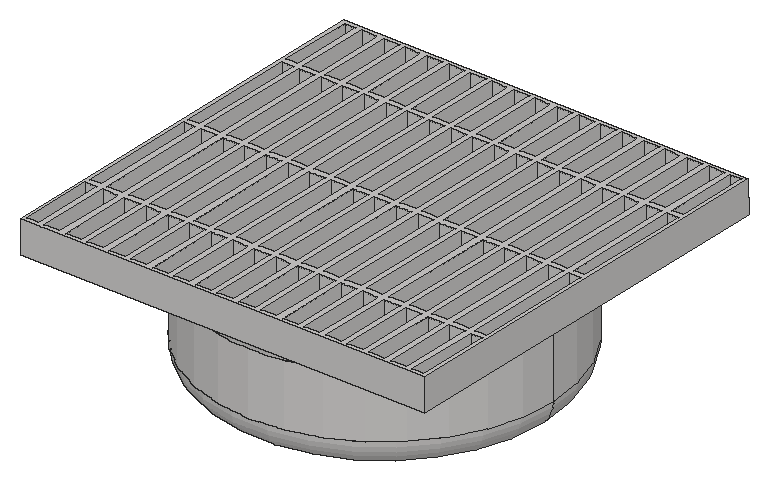
Revit family
Parameters (values of type "9635-SBG-2"")
  Width = 14"
  Waste Connection Radius = 1"
  Waste Connection Diameter = Waste Connection Radius * 2  # 2"
  Waste Connection = yes
  Vent Connection = no
  URL = "www.jrsmith.com"
  Price = "Prices may vary. Please consult Manufacturer Representative for most up-to-date price list."  # constant formula
  Phone Number = "416-250-5656"  # constant formula
  Omniclass Table 23 Title = "Waste Water Drains"  # constant formula
  Omniclass Table 23 Code = "23.70.50.21.24"  # constant formula
  Model = "9635-SBG-2\""
  Material = Metal-Jay R Smith-Stainless Steel
  Masterformat Title = "Sanitary Drains"  # constant formula
  Masterformat Number = "22 13 19.13"  # constant formula
  Manufacturer = "Jay R. Smith"
  Length = Width  # 14"
  Height = 7 1/4"
  HW Connection = no
  Description = "14\" Square topped general purpose drain with bar grating."
  Default Elevation = 0"
  Creation Date = "31/10/2014"  # constant formula
  Created By = "Allied Technical Services"  # constant formula
  CW Connection = no
  Assembly Code = "D2030300"
  ATS URL = "http://www.atsspec.net"
Types (13): name | Waste Connection Radius | Waste Connection Diameter | Model | Height
  (no name) | 1" | 2" | "9635-SBG-2\"" | 7 1/4"
  9635-SBG-2" | 1" | 2" | "9635-SBG-2\"" | 7 1/4"
  9635-SBG-3" | 1 1/2" | 3" | "9635-SBG-3\"" | 7 1/4"
  9635-SBG-4" | 2" | 4" | "9635-SBG-4\"" | 7 1/4"
  9636-SBG-2" | 1" | 2" | "9636-SBG-2\"" | 9 1/4"
  9636-SBG-3" | 1 1/2" | 3" | "9636-SBG-3\"" | 9 1/4"
  9636-SBG-4" | 2" | 4" | "9636-SBG-4\"" | 9 1/4"
  9637-SBG-2" | 1" | 2" | "9637-SBG-2\"" | 11 1/4"
  9637-SBG-3" | 1 1/2" | 3" | "9637-SBG-3\"" | 11 1/4"
  9637-SBG-4" | 2" | 4" | "9637-SBG-4\"" | 11 1/4"
  9638-SBG-2" | 1" | 2" | "9638-SBG-2\"" | 13 1/4"
  9638-SBG-3" | 1 1/2" | 3" | "9638-SBG-3\"" | 13 1/4"
  9638-SBG-4" | 2" | 4" | "9638-SBG-4\"" | 13 1/4"
Reference planes (in)
  plane 1 "Center (Front/Back)": y = 0
  plane 2: z = 0
  plane 3 "Center (Left/Right)": x = 0
  plane 4: x = -7
  plane 5: x = 7
  plane 6: z = 7.25
  plane 7: z = 2
  plane 8: x = -1
  plane 9: x = 1
  plane 10: z = 6.375
  plane 11: z = 6.125
Forms (in)
  Revolve 1, solid, material "Metal-Jay R Smith-Stainless Steel" <- "Material"
    sketch origin (0, 0, 0) x (1, 0, 0) y (0, 0, 1)
      loop
        line (-5.85146, 5.15452) -> (-5.85146, 3)
        arc (-5.85146, 3) -> (-5.55857, 2.29289) -> (-4.85146, 2) r 1
        line (-4.85146, 2) -> (-4.10146, 2) -> (-1.125, 1.68696) -> (-1.125, 0) -> (-1, 0) -> (-1, 6.125) -> (-6.26404, 6.125) -> (-6.26404, 5.72258)
        arc (-6.26404, 5.72258) -> (-6.22877, 5.614) -> (-6.13643, 5.54687) r 0.18476
        arc (-6.13643, 5.54687) -> (-5.93022, 5.39698) -> (-5.85146, 5.15452) r 0.41258
      axis (0, 0) -> (0, 6.125)
    angle from 0 to 360
  Extrusion 2, solid, material "Metal-Jay R Smith-Stainless Steel" <- "Material"
    sketch origin (-43.90802, -54.52824, 0) x (1, 0, 0) y (0, 1, 0)
      loop
        line (36.90802, 61.52824) -> (36.90802, 47.52824) -> (50.90802, 47.52824) -> (50.90802, 61.52824) -> (36.90802, 61.52824)
    from 6.125 to 6.375
  Extrusion 3, solid, material "Metal-Jay R Smith-Stainless Steel" <- "Material"
    sketch origin (-49.17568, -46.07209, 0) x (1, 0, 0) y (0, 1, 0)
      loop
        line (42.17568, 53.07208) -> (42.17568, 39.07209) -> (56.17568, 39.07209) -> (56.17568, 53.07208) -> (42.17568, 53.07208)
      loop
        line (42.70668, 50.41609) -> (42.70668, 52.94567) -> (42.30068, 52.94567) -> (42.30068, 50.41609) -> (42.70668, 50.41609)
      loop
        line (56.05068, 50.41609) -> (56.05068, 52.94567) -> (55.64468, 52.94567) -> (55.64468, 50.41609) -> (56.05068, 50.41609)
      loop
        line (42.70668, 39.19709) -> (42.70668, 41.72667) -> (42.30068, 41.72667) -> (42.30068, 39.19709) -> (42.70668, 39.19709)
      loop
        line (56.05068, 39.19709) -> (56.05068, 41.72667) -> (55.64468, 41.72667) -> (55.64468, 39.19709) -> (56.05068, 39.19709)
      loop
        line (42.70668, 46.16608) -> (42.70668, 50.22623) -> (42.30068, 50.22623) -> (42.30068, 46.16608) -> (42.70668, 46.16608)
      loop
        line (42.70668, 41.91609) -> (42.70668, 45.97623) -> (42.30068, 45.97623) -> (42.30068, 41.91609) -> (42.70668, 41.91609)
      loop
        line (42.89468, 50.41609) -> (43.45668, 50.41609) -> (43.45668, 52.94567) -> (42.89468, 52.94567) -> (42.89468, 50.41609)
      loop
        line (42.89468, 39.19709) -> (43.45668, 39.19709) -> (43.45668, 41.72667) -> (42.89468, 41.72667) -> (42.89468, 39.19709)
      loop
        line (42.89468, 41.91609) -> (43.45668, 41.91609) -> (43.45668, 45.97623) -> (42.89468, 45.97623) -> (42.89468, 41.91609)
      loop
        line (42.89468, 46.16608) -> (43.45668, 46.16608) -> (43.45668, 50.22623) -> (42.89468, 50.22623) -> (42.89468, 46.16608)
      loop
        line (43.64843, 50.41609) -> (44.21043, 50.41609) -> (44.21043, 52.94567) -> (43.64843, 52.94567) -> (43.64843, 50.41609)
      loop
        line (43.64843, 39.19709) -> (44.21043, 39.19709) -> (44.21043, 41.72667) -> (43.64843, 41.72667) -> (43.64843, 39.19709)
      loop
        line (43.64843, 41.91609) -> (44.21043, 41.91609) -> (44.21043, 45.97623) -> (43.64843, 45.97623) -> (43.64843, 41.91609)
      loop
        line (43.64843, 46.16608) -> (44.21043, 46.16608) -> (44.21043, 50.22623) -> (43.64843, 50.22623) -> (43.64843, 46.16608)
      loop
        line (44.39468, 50.41609) -> (44.95668, 50.41609) -> (44.95668, 52.94567) -> (44.39468, 52.94567) -> (44.39468, 50.41609)
      loop
        line (44.39468, 39.19709) -> (44.95668, 39.19709) -> (44.95668, 41.72667) -> (44.39468, 41.72667) -> (44.39468, 39.19709)
      loop
        line (44.39468, 41.91609) -> (44.95668, 41.91609) -> (44.95668, 45.97623) -> (44.39468, 45.97623) -> (44.39468, 41.91609)
      loop
        line (44.39468, 46.16608) -> (44.95668, 46.16608) -> (44.95668, 50.22623) -> (44.39468, 50.22623) -> (44.39468, 46.16608)
      loop
        line (45.14843, 50.41609) -> (45.71043, 50.41609) -> (45.71043, 52.94567) -> (45.14843, 52.94567) -> (45.14843, 50.41609)
      loop
        line (45.14843, 39.19709) -> (45.71043, 39.19709) -> (45.71043, 41.72667) -> (45.14843, 41.72667) -> (45.14843, 39.19709)
      loop
        line (45.14843, 41.91609) -> (45.71043, 41.91609) -> (45.71043, 45.97623) -> (45.14843, 45.97623) -> (45.14843, 41.91609)
      loop
        line (45.14843, 46.16608) -> (45.71043, 46.16608) -> (45.71043, 50.22623) -> (45.14843, 50.22623) -> (45.14843, 46.16608)
      loop
        line (45.89468, 50.41609) -> (46.45668, 50.41609) -> (46.45668, 52.94567) -> (45.89468, 52.94567) -> (45.89468, 50.41609)
      loop
        line (45.89468, 39.19709) -> (46.45668, 39.19709) -> (46.45668, 41.72667) -> (45.89468, 41.72667) -> (45.89468, 39.19709)
      loop
        line (45.89468, 41.91609) -> (46.45668, 41.91609) -> (46.45668, 45.97623) -> (45.89468, 45.97623) -> (45.89468, 41.91609)
      loop
        line (45.89468, 46.16608) -> (46.45668, 46.16608) -> (46.45668, 50.22623) -> (45.89468, 50.22623) -> (45.89468, 46.16608)
      loop
        line (46.64843, 50.41609) -> (47.21043, 50.41609) -> (47.21043, 52.94567) -> (46.64843, 52.94567) -> (46.64843, 50.41609)
      loop
        line (46.64843, 39.19709) -> (47.21043, 39.19709) -> (47.21043, 41.72667) -> (46.64843, 41.72667) -> (46.64843, 39.19709)
      loop
        line (46.64843, 41.91609) -> (47.21043, 41.91609) -> (47.21043, 45.97623) -> (46.64843, 45.97623) -> (46.64843, 41.91609)
      loop
        line (46.64843, 46.16608) -> (47.21043, 46.16608) -> (47.21043, 50.22623) -> (46.64843, 50.22623) -> (46.64843, 46.16608)
      loop
        line (47.39468, 50.41609) -> (47.95668, 50.41609) -> (47.95668, 52.94567) -> (47.39468, 52.94567) -> (47.39468, 50.41609)
      loop
        line (47.39468, 39.19709) -> (47.95668, 39.19709) -> (47.95668, 41.72667) -> (47.39468, 41.72667) -> (47.39468, 39.19709)
      loop
        line (47.39468, 41.91609) -> (47.95668, 41.91609) -> (47.95668, 45.97623) -> (47.39468, 45.97623) -> (47.39468, 41.91609)
      loop
        line (47.39468, 46.16608) -> (47.95668, 46.16608) -> (47.95668, 50.22623) -> (47.39468, 50.22623) -> (47.39468, 46.16608)
      loop
        line (48.14843, 50.41609) -> (48.71043, 50.41609) -> (48.71043, 52.94567) -> (48.14843, 52.94567) -> (48.14843, 50.41609)
      loop
        line (48.14843, 39.19709) -> (48.71043, 39.19709) -> (48.71043, 41.72667) -> (48.14843, 41.72667) -> (48.14843, 39.19709)
      loop
        line (48.14843, 41.91609) -> (48.71043, 41.91609) -> (48.71043, 45.97623) -> (48.14843, 45.97623) -> (48.14843, 41.91609)
      loop
        line (48.14843, 46.16608) -> (48.71043, 46.16608) -> (48.71043, 50.22623) -> (48.14843, 50.22623) -> (48.14843, 46.16608)
      loop
        line (48.89468, 50.41609) -> (49.45668, 50.41609) -> (49.45668, 52.94567) -> (48.89468, 52.94567) -> (48.89468, 50.41609)
      loop
        line (48.89468, 39.19709) -> (49.45668, 39.19709) -> (49.45668, 41.72667) -> (48.89468, 41.72667) -> (48.89468, 39.19709)
      loop
        line (48.89468, 41.91609) -> (49.45668, 41.91609) -> (49.45668, 45.97623) -> (48.89468, 45.97623) -> (48.89468, 41.91609)
      loop
        line (48.89468, 46.16608) -> (49.45668, 46.16608) -> (49.45668, 50.22623) -> (48.89468, 50.22623) -> (48.89468, 46.16608)
      loop
        line (49.64843, 50.41609) -> (50.21043, 50.41609) -> (50.21043, 52.94567) -> (49.64843, 52.94567) -> (49.64843, 50.41609)
      loop
        line (49.64843, 39.19709) -> (50.21043, 39.19709) -> (50.21043, 41.72667) -> (49.64843, 41.72667) -> (49.64843, 39.19709)
      loop
        line (49.64843, 41.91609) -> (50.21043, 41.91609) -> (50.21043, 45.97623) -> (49.64843, 45.97623) -> (49.64843, 41.91609)
      loop
        line (49.64843, 46.16608) -> (50.21043, 46.16608) -> (50.21043, 50.22623) -> (49.64843, 50.22623) -> (49.64843, 46.16608)
      loop
        line (50.39468, 50.41609) -> (50.95668, 50.41609) -> (50.95668, 52.94567) -> (50.39468, 52.94567) -> (50.39468, 50.41609)
      loop
        line (50.39468, 39.19709) -> (50.95668, 39.19709) -> (50.95668, 41.72667) -> (50.39468, 41.72667) -> (50.39468, 39.19709)
      loop
        line (50.39468, 41.91609) -> (50.95668, 41.91609) -> (50.95668, 45.97623) -> (50.39468, 45.97623) -> (50.39468, 41.91609)
      loop
        line (50.39468, 46.16608) -> (50.95668, 46.16608) -> (50.95668, 50.22623) -> (50.39468, 50.22623) -> (50.39468, 46.16608)
      loop
        line (51.14843, 50.41609) -> (51.71043, 50.41609) -> (51.71043, 52.94567) -> (51.14843, 52.94567) -> (51.14843, 50.41609)
      loop
        line (51.14843, 39.19709) -> (51.71043, 39.19709) -> (51.71043, 41.72667) -> (51.14843, 41.72667) -> (51.14843, 39.19709)
      loop
        line (51.14843, 41.91609) -> (51.71043, 41.91609) -> (51.71043, 45.97623) -> (51.14843, 45.97623) -> (51.14843, 41.91609)
      loop
        line (51.14843, 46.16608) -> (51.71043, 46.16608) -> (51.71043, 50.22623) -> (51.14843, 50.22623) -> (51.14843, 46.16608)
      loop
        line (51.89468, 50.41609) -> (52.45668, 50.41609) -> (52.45668, 52.94567) -> (51.89468, 52.94567) -> (51.89468, 50.41609)
      loop
        line (51.89468, 39.19709) -> (52.45668, 39.19709) -> (52.45668, 41.72667) -> (51.89468, 41.72667) -> (51.89468, 39.19709)
      loop
        line (51.89468, 41.91609) -> (52.45668, 41.91609) -> (52.45668, 45.97623) -> (51.89468, 45.97623) -> (51.89468, 41.91609)
      loop
        line (51.89468, 46.16608) -> (52.45668, 46.16608) -> (52.45668, 50.22623) -> (51.89468, 50.22623) -> (51.89468, 46.16608)
      loop
        line (52.64843, 50.41609) -> (53.21043, 50.41609) -> (53.21043, 52.94567) -> (52.64843, 52.94567) -> (52.64843, 50.41609)
      loop
        line (52.64843, 39.19709) -> (53.21043, 39.19709) -> (53.21043, 41.72667) -> (52.64843, 41.72667) -> (52.64843, 39.19709)
      loop
        line (52.64843, 41.91609) -> (53.21043, 41.91609) -> (53.21043, 45.97623) -> (52.64843, 45.97623) -> (52.64843, 41.91609)
      loop
        line (52.64843, 46.16608) -> (53.21043, 46.16608) -> (53.21043, 50.22623) -> (52.64843, 50.22623) -> (52.64843, 46.16608)
      loop
        line (53.39468, 50.41609) -> (53.95668, 50.41609) -> (53.95668, 52.94567) -> (53.39468, 52.94567) -> (53.39468, 50.41609)
      loop
        line (53.39468, 39.19709) -> (53.95668, 39.19709) -> (53.95668, 41.72667) -> (53.39468, 41.72667) -> (53.39468, 39.19709)
      loop
        line (53.39468, 41.91609) -> (53.95668, 41.91609) -> (53.95668, 45.97623) -> (53.39468, 45.97623) -> (53.39468, 41.91609)
      loop
        line (53.39468, 46.16608) -> (53.95668, 46.16608) -> (53.95668, 50.22623) -> (53.39468, 50.22623) -> (53.39468, 46.16608)
      loop
        line (54.14093, 50.41609) -> (54.70293, 50.41609) -> (54.70293, 52.94567) -> (54.14093, 52.94567) -> (54.14093, 50.41609)
      loop
        line (54.14093, 39.19709) -> (54.70293, 39.19709) -> (54.70293, 41.72667) -> (54.14093, 41.72667) -> (54.14093, 39.19709)
      loop
        line (54.14093, 41.91609) -> (54.70293, 41.91609) -> (54.70293, 45.97623) -> (54.14093, 45.97623) -> (54.14093, 41.91609)
      loop
        line (54.14093, 46.16608) -> (54.70293, 46.16608) -> (54.70293, 50.22623) -> (54.14093, 50.22623) -> (54.14093, 46.16608)
      loop
        line (54.89468, 50.41609) -> (55.45668, 50.41609) -> (55.45668, 52.94567) -> (54.89468, 52.94567) -> (54.89468, 50.41609)
      loop
        line (54.89468, 39.19709) -> (55.45668, 39.19709) -> (55.45668, 41.72667) -> (54.89468, 41.72667) -> (54.89468, 39.19709)
      loop
        line (54.89468, 41.91609) -> (55.45668, 41.91609) -> (55.45668, 45.97623) -> (54.89468, 45.97623) -> (54.89468, 41.91609)
      loop
        line (54.89468, 46.16608) -> (55.45668, 46.16608) -> (55.45668, 50.22623) -> (54.89468, 50.22623) -> (54.89468, 46.16608)
      loop
        line (56.05068, 46.16608) -> (56.05068, 50.22623) -> (55.64468, 50.22623) -> (55.64468, 46.16608) -> (56.05068, 46.16608)
      loop
        line (56.05068, 41.91609) -> (56.05068, 45.97623) -> (55.64468, 45.97623) -> (55.64468, 41.91609) -> (56.05068, 41.91609)
    from 6.375 to 7.25
Cuts and joins
  joined: Revolve 1, Extrusion 2, Extrusion 3
Dimensions and locks (in)
  "Height": plane 6 to plane 2
  "Waste Connection Diameter": plane 9 to plane 8
  "Width": plane 5 to plane 4
  plane 7 to level = 2"
  equal spacing: plane 9, plane 3 "Center (Left/Right)", plane 8
  equal spacing: plane 5, plane 3 "Center (Left/Right)", plane 4
  locked: plane 8 to Revolve 1 sketch curve at 0.125
  locked: plane 10 to plane 11 at 0.25
  locked: plane 6 to plane 10 at 0.875
  plane 6 to plane 7 = 5 1/4"
  locked: Revolve 1 sketch curve to plane 4 at 1.14854
  locked: Revolve 1 sketch curve to plane 4 at 0.73596
  aligned and locked: plane 8 to Revolve 1 sketch curve
  aligned and locked: Extrusion 2 to Revolve 1
  aligned and locked: Extrusion 2 to plane 10
  aligned and locked: plane 11 to Revolve 1 sketch curve
  aligned and locked: plane 10 to Extrusion 3
  aligned and locked: plane 6 to Extrusion 3
Automatic sketch dimensions
  Extrusion 2 sketch curve to plane 4 = 0"
  Extrusion 2 sketch curve to plane 5 = 0"
  plane 1 "Center (Front/Back)" to Extrusion 2 sketch curve = 7"
  Extrusion 2 sketch curve to plane 1 "Center (Front/Back)" = 7"
  Revolve 1 sketch curve to plane 7 = 0"
  Revolve 1 sketch curve to plane 3 "Center (Left/Right)" = 0"
  Revolve 1 sketch curve to level = 0"
  Revolve 1 sketch curve to Revolve 1 sketch curve = 3/4"  (x2)
  Revolve 1 sketch curve to Revolve 1 sketch curve = 1"
  Revolve 1 sketch curve to Revolve 1 sketch curve = 0.05715"
  Revolve 1 sketch curve to Revolve 1 sketch curve = 0"
  Revolve 1 sketch curve to Revolve 1 sketch curve = 0.12761"
  Revolve 1 sketch curve to level = 1 3/4"
  plane 11 to Revolve 1 sketch curve = 0.97048"
  Revolve 1 sketch curve to plane 7 = 0.31304"
  plane 5 to Extrusion 3 sketch curve = 14"
  Extrusion 3 sketch curve to Extrusion 3 sketch curve = 1/8"  (x7)
  Extrusion 3 sketch curve to Extrusion 3 sketch curve = 0"  (x156)
  Extrusion 3 sketch curve to Extrusion 3 sketch curve = 0.406"  (x6)
  Extrusion 3 sketch curve to Extrusion 3 sketch curve = 0.188"  (x8)
  Extrusion 3 sketch curve to Extrusion 3 sketch curve = 0.562"  (x27)
  Extrusion 3 sketch curve to Extrusion 3 sketch curve = 0.19175"  (x22)
  Extrusion 3 sketch curve to Extrusion 3 sketch curve = 0.18425"  (x32)
  plane 1 "Center (Front/Back)" to Extrusion 3 sketch curve = 7"
  Extrusion 3 sketch curve to Extrusion 3 sketch curve = 2.52959"  (x4)
  Extrusion 3 sketch curve to Extrusion 3 sketch curve = 0.18941"  (x13)
  Extrusion 3 sketch curve to Extrusion 3 sketch curve = 4.06014"  (x5)
  Extrusion 3 sketch curve to Extrusion 3 sketch curve = 0.18986"  (x25)
  Extrusion 3 sketch curve to Extrusion 3 sketch curve = 0.12641"
Connectors (in)
  piping at (0, 0, 0), driven by "Waste Connection Radius"
    settings: on cut or joined group of Revolve 1, Extrusion 2, Extrusion 3, index 1
